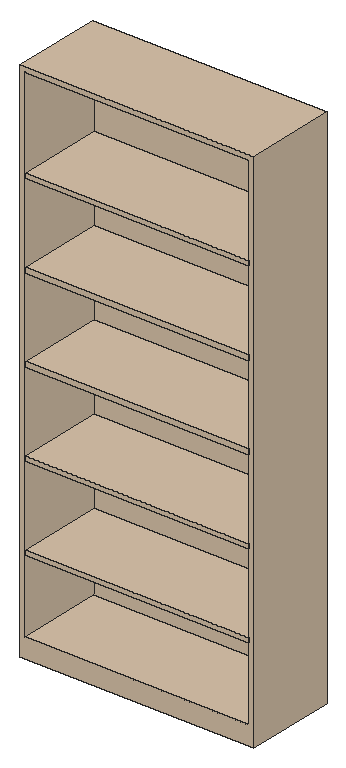
Revit family "Haworth_Masters_Bookcase", category Furniture Systems, Revit 2018
Family settings
  Round Connector Dimension = Use Diameter
  Part Type = Normal
  OmniClass Number = 23.40.70.14.64.21
  OmniClass Title = Systems Furniture
  Work Plane-Based = No
  Always vertical = Yes
  Cut with Voids When Loaded = No
  Shared = No
  Room Calculation Point = No
Parameters (values of type "Six High - 36w 14d")
  Width 36 = yes
  Width 30 = not(Width 36)  # no
  Warranty = "http://www.haworth.com/resources/product-info/warranties"
  URL - Product = "http://www.haworth.com/products/desks/freestanding/masters-series"
  Two High = no
  Three High = no
  Sustainability Info = "http://www.haworth.com/company-info/sustainablility"
  Shelf Width = Actual Width - (Panel Thickness * 2)  # 34 1/2"
  Shelf Height 5 = 67"
  Shelf Height 4 = 54"
  Shelf Height 3 = 41"
  Shelf Height 2 = 28"  # constant formula
  Shelf Height 1 = 15"
  Shelf Depth = Actual Depth - Panel Thickness  # 13 1/4"
  Model = "Haworth - Masters - Bookcase"  # constant formula
  Letter Depth = yes
  Legal Depth = not(Letter Depth)  # no
  Four High = no
  Description = "Haworth - Masters - Bookcase"  # constant formula
  Cabinet Finish = Haworth _ Wood _ White Oak
  Actual Width = if(Width 36, 36", 30")  # 36"
  Actual Shelf 5 = Six High  # yes
  Actual Shelf 4 = or(Six High, Five High)  # yes
  Actual Shelf 3 = or(Six High, Five High, Four High)  # yes
  Actual Shelf 2 = or(Six High, Five High, Four High, Three High)  # yes
  Actual Height = if(Two High, 28", if(Three High, 41 5/8", if(Four High, 55 5/16", if(Five High, 69", 81 5/8"))))  # 81 5/8"
  Actual Depth = if(Letter Depth, 14", 16 1/2")  # 14"
  Six High = not(or(Five High, Four High, Three High, Two High))  # yes
  Five High = no
  URL = "www.haworth.com"
  Size = "Verify Final Dim. w/ Haworth"  # constant formula
  Revision Number = "2"  # constant formula
  Panel Thickness = 3/4"  # constant formula
  Min. Width = 30"  # constant formula
  Max. Width = 36"  # constant formula
  Min. Height = 69"  # constant formula
  Max. Height = 81 5/8"  # constant formula
  Manufacturer = "Haworth"  # constant formula
  Base Height = 3"  # constant formula
  Author = "Haworth (Hampton)"  # constant formula
  Assembly Code = "E2020200"
Types (5): name | Two High | Three High | Four High | Actual Shelf 5 | Actual Shelf 4 | Actual Shelf 3 | Actual Shelf 2 | Actual Height | Six High | Five High
  Six High - 36w 14d | no | no | no | yes | yes | yes | yes | 81 5/8" | yes | no
  Five High - 36w 14d | no | no | no | no | yes | yes | yes | 69" | no | yes
  Four High - 36w 14d | no | no | yes | no | no | yes | yes | 55 5/16" | no | no
  Three High - 36w 14d | no | yes | no | no | no | no | yes | 41 5/8" | no | no
  Two High - 36w 14d | yes | no | no | no | no | no | no | 28" | no | no
Reference planes (in)
  plane 1 "Center F/B": y = -3.00335
  plane 2: z = 0
  plane 3 "Back": y = 3.99665
  plane 4 "Left": x = -22.87913
  plane 5 "Left Panel In": x = -22.12913
  plane 6 "Back Panel Inside": y = 3.24665
  plane 7: z = 3
  plane 8 "Top": z = 81.625
  plane 9 "Top Frame Inside": z = 80.875
  plane 10 "Right Panel In": x = 12.37087
  plane 11 "Right": x = 13.12087
  plane 12 "Center LR": x = -4.87913
  plane 13 "Front": y = -10.00335
  plane 14 "Shelf 1": z = 15
  plane 15 "Shelf 2": z = 28
  plane 16 "Shelf 3": z = 41
  plane 17 "Shelf 4": z = 54
  plane 18 "Shelf 5": z = 67
Forms (in)
  Extrusion 1, solid, material "Haworth _ Wood _ White Oak" <- "Cabinet Finish"
    sketch origin (5.25, -3.00335, 3.21814) x (1, 0, 0) y (0, 0, 1)
      loop
        line (-28.12913, 78.40686) -> (-28.12913, -3.21814) -> (7.87087, -3.21814) -> (7.87087, 78.40686) -> (-28.12913, 78.40686)
      loop
        line (-27.37913, 77.65686) -> (-27.37913, -0.21814) -> (7.12087, -0.21814) -> (7.12087, 77.65686) -> (-27.37913, 77.65686)
    from -7 to 7
  Extrusion 2, solid, material "Haworth _ Wood _ White Oak" <- "Cabinet Finish"
    sketch origin (0, 0, 0) x (1, 0, 0) y (0, 1, 0)
      loop
        line (-22.87913, 3.99665) -> (-22.87913, 3.24665) -> (12.37087, 3.24665) -> (12.37087, 3.99665) -> (-22.87913, 3.99665)
    from 3 to 80.875
Lines and regions (in)
  Masking region 1
    outline origin (0, 0, 0) x (1, 0, 0) y (0, 1, 0)
      loop
        line (-22.87913, 3.99665) -> (-22.87913, -10.00335) -> (13.12087, -10.00335) -> (13.12087, 3.99665) -> (-22.87913, 3.99665)
  symbolic lines, style "Haworth"
    curve 1: line (13.12087, -10.00335, 0) -> (13.12087, -9.25335, 0)
Dimensions and locks (in)
  equal spacing: plane 3 "Back", plane 1 "Center F/B", plane 13 "Front"
  "Actual Depth": plane 3 "Back" to plane 13 "Front"
  "Panel Thickness": plane 3 "Back" to plane 6 "Back Panel Inside"
  "Panel Thickness": plane 8 "Top" to plane 9 "Top Frame Inside"
  "Base Height": plane 7 to plane 2
  "Actual Height": plane 8 "Top" to plane 2
  "Panel Thickness": plane 5 "Left Panel In" to plane 4 "Left"
  plane 11 "Right" to plane 10 "Right Panel In" = 3/4"
  "Panel Thickness": plane 11 "Right" to plane 10 "Right Panel In"
  equal spacing: plane 10 "Right Panel In", plane 12 "Center LR", plane 5 "Left Panel In"
  "Actual Width": plane 11 "Right" to plane 4 "Left"
  "Shelf Height 5": plane 18 "Shelf 5" to plane 2
  "Shelf Height 4": plane 17 "Shelf 4" to plane 2
  "Shelf Height 3": plane 16 "Shelf 3" to plane 2
  "Shelf Height 2": plane 15 "Shelf 2" to plane 2
  "Shelf Height 1": plane 14 "Shelf 1" to plane 2
  aligned and locked: plane 4 "Left" to Extrusion 1 sketch curve
  aligned and locked: Extrusion 1 sketch curve to plane 8 "Top"
  aligned and locked: level to Extrusion 1 sketch curve
  aligned and locked: plane 5 "Left Panel In" to Extrusion 1 sketch curve
  aligned and locked: Extrusion 1 sketch curve to plane 9 "Top Frame Inside"
  aligned and locked: plane 7 to Extrusion 1 sketch curve
  aligned: plane 6 "Back Panel Inside" to Extrusion 1
  aligned and locked: plane 4 "Left" to Masking region 1 sketch curve
  aligned and locked: Masking region 1 sketch curve to plane 3 "Back"
  aligned and locked: plane 13 "Front" to Masking region 1 sketch curve
  aligned and locked: Extrusion 1 to plane 13 "Front"
  aligned and locked: plane 3 "Back" to Extrusion 1
  aligned and locked: plane 6 "Back Panel Inside" to Extrusion 2 sketch curve
  aligned and locked: Extrusion 2 sketch curve to plane 10 "Right Panel In"
  aligned and locked: Extrusion 2 to plane 7
  aligned and locked: plane 9 "Top Frame Inside" to Extrusion 2
  aligned and locked: plane 12 "Center LR" to nested 1
  aligned and locked: plane 6 "Back Panel Inside" to nested 1
  aligned and locked: plane 14 "Shelf 1" to nested 1
  aligned and locked: plane 15 "Shelf 2" to nested 2
  aligned and locked: plane 16 "Shelf 3" to nested 3
  aligned and locked: plane 17 "Shelf 4" to nested 4
  aligned and locked: plane 18 "Shelf 5" to nested 5
  aligned and locked: plane 11 "Right" to Extrusion 1
  aligned and locked: Extrusion 1 to plane 10 "Right Panel In"
  aligned and locked: plane 5 "Left Panel In" to nested 5
  aligned and locked: plane 5 "Left Panel In" to nested 4
  aligned and locked: plane 5 "Left Panel In" to nested 3
  aligned and locked: plane 5 "Left Panel In" to nested 2
  aligned and locked: plane 5 "Left Panel In" to nested 1
  aligned and locked: Extrusion 2 to plane 4 "Left"
  aligned and locked: plane 3 "Back" to Extrusion 2
Automatic sketch dimensions
  plane 10 "Right Panel In" to Extrusion 1 sketch curve = 0"
  plane 11 "Right" to Extrusion 1 sketch curve = 0"
  curve 1 to plane 11 "Right" = 0"
  curve 1 to plane 13 "Front" = 0"
  Masking region 1 sketch curve to plane 11 "Right" = 0"
  plane 13 "Front" to curve 1 = 3/4"
  Extrusion 2 sketch curve to plane 5 "Left Panel In" = 3/4"
  plane 3 "Back" to Extrusion 2 sketch curve = 0"
Nested families (in)
  nested 1: "Haworth_Shelf" at (-13.12913, -7.62835, 14.25), type "Haworth_Shelf"
    with Shelf Width 34 1/2", Shelf Depth 13 1/4"
  nested 2: "Haworth_Shelf" at (-13.12913, -7.62835, 27.25), type "Haworth_Shelf"
    with Shelf Width 34 1/2", Shelf Depth 13 1/4"
  nested 3: "Haworth_Shelf" at (-13.12913, -7.62835, 40.25), visible <- "Actual Shelf 3", type "Haworth_Shelf"
    with Shelf Width 34 1/2", Shelf Depth 13 1/4"
  nested 4: "Haworth_Shelf" at (-13.12913, -7.62835, 53.25), visible <- "Actual Shelf 4", type "Haworth_Shelf"
    with Shelf Width 34 1/2", Shelf Depth 13 1/4"
  nested 5: "Haworth_Shelf" at (-13.12913, -7.62835, 66.25), visible <- "Actual Shelf 5", type "Haworth_Shelf"
    with Shelf Width 34 1/2", Shelf Depth 13 1/4"
Definition of nested family "Haworth_Shelf"
  Parameters
    Warranty = ""
    URL - Product = ""
    URL = "www.haworth.com"
    Sustainability Info = ""
    Size = "Verify Final Dim. w/ Haworth"  # constant formula
    Shelf Width = 13 7/8"
    Shelf Thickness = 3/4"
    Shelf Finish = none
    Shelf Depth = 22 1/2"
    Revision Number = ""
    OmniClass Number = ""
    Material Options = ""
    Manufacturer = "Haworth"  # constant formula
    LEED Data = ""
    Author = "SHAPE Environments, LLC"  # constant formula
    Assembly Code = ""
  Reference planes (in)
    plane 1 "Center F/B": y = 4.25
    plane 2: z = 0
    plane 3 "Center L/R": x = 8.25
    plane 4 "Panel Left": x = 1.3125
    plane 5 "Panel Right": x = 15.1875
    plane 6 "Panel Back": y = 15.5
    plane 7 "Panel Front": y = -7
    plane 8 "Panel Top": z = 0.75
    plane 9 "Center (T/B)": z = 0.375
  Forms (in)
    Extrusion 1, solid, material <- "Shelf Finish"
      sketch origin (0, 0, 0) x (1, 0, 0) y (0, 1, 0)
        loop
          line (1.3125, 15.5) -> (1.3125, -7) -> (15.1875, -7) -> (15.1875, 15.5) -> (1.3125, 15.5)
      from 0 to 0.75
  Dimensions and locks (in)
    equal spacing: plane 6 "Panel Back", plane 1 "Center F/B", plane 7 "Panel Front"
    "Shelf Depth": plane 6 "Panel Back" to plane 7 "Panel Front"
    equal spacing: plane 4 "Panel Left", plane 3 "Center L/R", plane 5 "Panel Right"
    "Shelf Width": plane 4 "Panel Left" to plane 5 "Panel Right"
    "Shelf Thickness": plane 8 "Panel Top" to level
    equal spacing: plane 8 "Panel Top", plane 9 "Center (T/B)", level
    aligned and locked: plane 4 "Panel Left" to Extrusion 1 sketch curve
    aligned and locked: Extrusion 1 sketch curve to plane 6 "Panel Back"
    aligned and locked: plane 7 "Panel Front" to Extrusion 1 sketch curve
    aligned and locked: Extrusion 1 sketch curve to plane 5 "Panel Right"
    aligned and locked: plane 8 "Panel Top" to Extrusion 1
